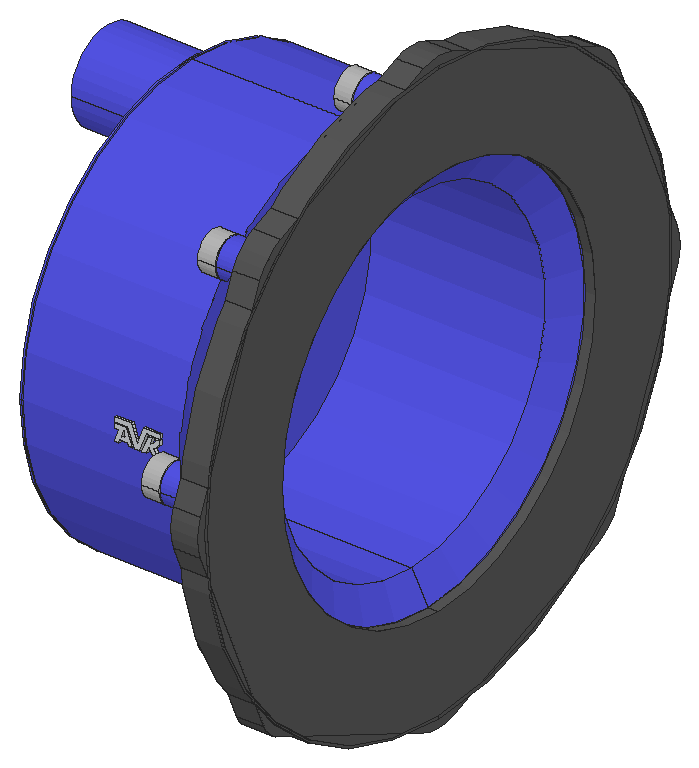
Revit family "634-00-001 DN300", category Pipe Accessories, Revit 2022
Family settings
  Round Connector Dimension = Use Diameter
  Part Type = Valve - Breaks Into
  Work Plane-Based = No
  Always vertical = Yes
  Cut with Voids When Loaded = No
  Shared = No
Parameters (values of type "DN300_PN16_AVK ref. no. 634-356-00-036")
  URL product pages = "https://www.avkvalves.com/P.aspx?no=63407100016"
  Thickness = 0 mm
  Search_table = "634-00-001 DN300"
  S2 = size_lookup(Search_table, "S2", 0 mm, DN) / 2  # 178 mm
  S1 = size_lookup(Search_table, "S1", 0 mm, DN) / 2  # 157 mm
  Radius = size_lookup(Search_table, "Radius", 0 mm, DN)  # 43 mm
  Nut = D2_L * 0.2  # 16.2 mm
  L1 = L * 0.5  # 75 mm
  L-L1 = 40.5 mm  # constant formula
  L = size_lookup(Search_table, "L", 0 mm, DN) / 2  # 150 mm
  FL_T = size_lookup(Search_table, "FL_T", 0 mm, DN)  # 24.5 mm
  Description_ = "AVK SUPA MAXI™ END CAP, PN16"
  Default Elevation = 0 mm
  DN300_PN16_AVK ref. no. 634-356-00-036 = "634-356-00-036"
  DN300_PN16_AVK ref. no. 634-356-00-016 = "634-356-00-016"
  DN = 300.2 mm
  D2_L = size_lookup(Search_table, "D2_L", 0 mm, DN)  # 81 mm
  D2 = size_lookup(Search_table, "D2", 0 mm, DN) / 2  # 40.5 mm
  D1_L = size_lookup(Search_table, "D1_L", 0 mm, DN)  # 102 mm
  D12 = Radius * 0.4  # 17.2 mm
  D11 = D * 0.8  # 218 mm
  D1 = size_lookup(Search_table, "D1", 0 mm, DN) / 2  # 192.5 mm
  D-10 = D - 10 mm  # 262.5 mm
  D = size_lookup(Search_table, "D", 0 mm, DN) / 2  # 272.5 mm
  Bore = DN / 2  # 150.1 mm
  Bolt_L = D2_L - Nut  # 64.8 mm
  2 = 2 mm  # constant formula
  10 = 10 mm  # constant formula
Types (3, lengths in mm): name | DN | Bore
  (no name) | 300.2 | 150.1
  DN300_PN16_AVK ref. no. 634-356-00-016 | 300.1 | 150.05
  DN300_PN16_AVK ref. no. 634-356-00-036 | 300.2 | 150.1
Reference planes
  plane 1 "Center (Front/Back)": y = 0
  plane 2: z = 0
  plane 3 "Center (Left/Right)": x = 0
  plane 4: x = -150
  plane 5: z = 272.5
  plane 6: z = -272.5
  plane 7: z = 150.1
  plane 8: z = -150.1
  plane 9: x = 150
  plane 10: y = 272.5
  plane 11: y = -272.5
  plane 12: x = 140
  plane 13: z = 262.5
  plane 14: x = -75
  plane 15: z = 192.5
  plane 16: x = -77.5
  plane 17: x = -34.5
  plane 18: x = 69
  plane 19: z = 178
  plane 20: z = -178
  plane 21: through (4267.2, 0.015, 0.037) normal (0, 0.3827, 0.9239)
  plane 22: through (4267.2, -0.015, 0.037) normal (0, 0.3827, -0.9239)
  plane 23: through (4267.2, 0, 0.044) normal (0, -0.7071, 0.7071)
  plane 24: through (4267.2, 0, 0.044) normal (0, -0.7071, -0.7071)
  plane 25: through (4267.2, -314.396, 71.021) normal (0, -0.7071, 0.7071)
  plane 26: through (4267.2, 70.977, -314.352) normal (0, -0.7071, 0.7071)
  plane 27: through (0, 0, 0) normal (0, -0.866, 0.5)
  plane 28: through (4267.2, 0.006, 0.028) normal (0, 0.9239, 0.3827)
  plane 29: through (4267.2, -0.006, 0.028) normal (0, 0.9239, -0.3827)
  plane 30: through (0, 0, 0) normal (0, 0.5, -0.866)
  plane 31: through (0, 0, 0) normal (0, 0.5, 0.866)
  plane 32: y = 0
  plane 33: through (0, 0, 0) normal (0, 0.866, -0.5)
  plane 34: through (0, 0, 0) normal (0, 0.866, 0.5)
  plane 35: through (0, 0, 0) normal (0, 0.5, -0.866)
  plane 36: through (0, 0, 0) normal (0, 0.5, 0.866)
  plane 37: through (0, 0, 0) normal (0, 0.866, 0.5)
  plane 38: through (0, 0, 0) normal (0, 0.866, -0.5)
Forms (mm)
  Revolve 1, solid, material "Default Roof"
    sketch origin (0, 0, 0) x (1, 0, 0) y (0, 0, 1)
      loop
        line (140, 262.5) -> (125.5, 262.5) -> (69, 192.5) -> (-75, 192.5) -> (-75, 151.05) -> (125.5, 151.05) -> (140, 178) -> (140, 262.5)
      axis (-75, 0) -> (140, 0)
    angle from 0 to 360
  Extrusion 2, solid, material "Default Roof"
    sketch origin (0, 0, 0) x (1, 0, 0) y (0, 1, 0)
      loop
        circle (-99.5, 0) r 40.5
    from 0 to -192.5
  Extrusion 3, solid, material "Default Roof"
    sketch origin (0, 0, 0) x (0, 1, 0) y (0, 0, 1)
      loop
        circle (0, 152) r 40.5
    from -150 to -75
  Extrusion 4, solid, material "Default Roof"
    sketch origin (150, -1524, 1660.765) x (0, 0, 1) y (0, -1, 0)
      loop
        circle (-1660.765, -1524) r 178
    from -184.5 to -182.5
  Extrusion 5, solid, material "Default Wall"
    sketch origin (150, -1524, 1660.765) x (0, 0, 1) y (0, -1, 0)
      loop
        circle (-1660.765, -1524) r 178
      loop
        circle (-1660.765, -1524) r 262.5
    from -24.5 to 0
  Revolve 6, solid, material "Default Wall"
    sketch origin (0, 0, 0) x (1, 0, 0) y (0, 0, 1)
      loop
        line (125.5, 264.5) -> (125.5, 262.5) -> (150, 262.5) -> (150, 264.5) -> (125.5, 264.5)
      axis (125.5, 0) -> (150, 0)
    angle from 0 to 360
  Extrusion 7, solid, material "Default Roof"
    sketch origin (0, 0, 0) x (0, 1, 0) y (0, 0, 1)
      loop
        circle (-154.149, 154.193) r 17.2
      loop
        circle (154.149, -154.105) r 17.2
      loop
        circle (-218, 0) r 17.2
      loop
        circle (218, 0) r 17.2
      loop
        circle (154.149, 154.193) r 17.2
      loop
        circle (0, 218) r 17.2
      loop
        circle (0, -218) r 17.2
      loop
        circle (-154.149, -154.105) r 17.2
    from 85.2 to 125.5
  Extrusion 8, solid, material "Poche"
    sketch origin (0, 0, 0) x (0, 1, 0) y (0, 0, 1)
      loop
        circle (218, 0) r 17.2
      loop
        circle (154.149, 154.193) r 17.2
      loop
        circle (0, 218) r 17.2
      loop
        circle (-154.149, 154.193) r 17.2
      loop
        circle (-218, 0) r 17.2
      loop
        circle (-154.149, -154.105) r 17.2
      loop
        circle (0, -218) r 17.2
      loop
        circle (154.149, -154.105) r 17.2
    from 69 to 85.2
  Extrusion 9, solid, material "Default Roof"
    sketch origin (0, 0, 0) x (0, 1, 0) y (0, 0, 1)
      loop
        circle (0, 0) r 192.5
    from -75 to -73
  Extrusion 10, solid, material "Default Wall"
    sketch origin (0, 0, 0) x (0, 1, 0) y (0, 0, 1)
      loop
        line (-16.447, 269.23) -> (-178.734, 202.049)
        arc (-178.734, 202.049) -> (-192.686, 192.731) -> (-202.01, 178.782) r 43
        line (-202.01, 178.782) -> (-269.224, 16.604)
        arc (-269.224, 16.604) -> (-272.5, -0.012) -> (-269.106, -16.604) r 43
        line (-269.106, -16.604) -> (-198.034, -184.702)
        arc (-198.034, -184.702) -> (-192.687, -192.643) -> (-184.746, -197.991) r 25
        line (-184.746, -197.991) -> (-16.613, -269.103)
        arc (-16.613, -269.103) -> (-0.012, -272.5) -> (16.613, -269.218) r 43
        line (16.613, -269.218) -> (178.751, -201.961)
        arc (178.751, -201.961) -> (192.687, -192.642) -> (202, -178.702) r 43
        line (202, -178.702) -> (269.225, -16.456)
        arc (269.225, -16.456) -> (272.5, 0) -> (269.228, 16.456) r 43
        line (269.228, 16.456) -> (202.011, 178.775)
        arc (202.011, 178.775) -> (192.686, 192.731) -> (178.729, 202.054) r 43
        line (178.729, 202.054) -> (16.447, 269.231)
        arc (16.447, 269.231) -> (0, 272.5) -> (-16.447, 269.23) r 43
      loop
        circle (0, 0) r 178
    from 125.5 to 150
Dimensions and locks
  equal spacing: plane 7, level, plane 8
  equal spacing: plane 5, level, plane 6
  equal spacing: plane 9, plane 3 "Center (Left/Right)", plane 4
  equal spacing: plane 10, plane 1 "Center (Front/Back)", plane 11
  "L": plane 3 "Center (Left/Right)" to plane 4
  "D": plane 5 to level
  "Bore": plane 7 to level
  "D": plane 10 to plane 1 "Center (Front/Back)"
  "10": plane 9 to Revolve 1 sketch curve
  "10": plane 5 to Revolve 1 sketch curve
  "10": plane 5 to plane 13
  "10": plane 9 to plane 12
  "L1": plane 3 "Center (Left/Right)" to plane 14
  "FL_T": plane 9 to Revolve 1 sketch curve  (x2)
  "D1": Revolve 1 sketch curve to level
  "D1": level to Extrusion 2
  "D1": plane 15 to level
  "D2": plane 15 to Extrusion 3 sketch curve
  equal spacing: Extrusion 3 sketch curve, plane 1 "Center (Front/Back)", Extrusion 3 sketch curve
  "10": plane 4 to Extrusion 2 sketch curve
  equal spacing: Extrusion 2 sketch curve, plane 1 "Center (Front/Back)", Extrusion 2 sketch curve
  equal spacing: Extrusion 4 sketch curve, plane 1 "Center (Front/Back)", Extrusion 4 sketch curve
  equal spacing: Extrusion 4 sketch curve, level, Extrusion 4 sketch curve
  "D2": Extrusion 4 to plane 14
  "D2": plane 17 to plane 14
  "2": Extrusion 4 to plane 17
  equal spacing: Extrusion 5 sketch curve, plane 1 "Center (Front/Back)", Extrusion 5 sketch curve  (x2)
  equal spacing: Extrusion 5 sketch curve, level, Extrusion 5 sketch curve
  "10": plane 5 to Extrusion 5 sketch curve
  "FL_T": plane 9 to Extrusion 5
  "2": Revolve 6 sketch curve to plane 13
  "FL_T": plane 9 to Revolve 6 sketch curve
  "FL_T": plane 9 to Extrusion 7
  "D2_L": plane 9 to plane 18
  "D2_L": plane 9 to Revolve 1 sketch curve
  "Nut": Extrusion 7 to plane 18
  "Nut": Extrusion 8 to plane 18
  plane 9 to plane 4 = 300 mm
  plane 5 to level = 272.5 mm
  "S2": Revolve 1 sketch curve to level
  equal spacing: plane 19, level, plane 20
  "S2": level to plane 20
  plane 19 to plane 20 = 356 mm
  equal spacing: plane 25, plane 23, plane 26
  "D": plane 25 to plane 23
  plane 25 to plane 26 = 545 mm
  equal spacing: Extrusion 9 sketch curve, plane 1 "Center (Front/Back)", Extrusion 9 sketch curve
  equal spacing: Extrusion 9 sketch curve, level, Extrusion 9 sketch curve
  "2": Extrusion 9 to plane 14
  plane 5 to plane 6 = 545 mm
  "FL_T": plane 9 to Extrusion 10
  equal spacing: Extrusion 10 sketch curve, plane 23, Extrusion 10 sketch curve  (x3)
  equal spacing: Extrusion 10 sketch curve, plane 32, Extrusion 10 sketch curve  (x2)
  equal spacing: Extrusion 10 sketch curve, level, Extrusion 10 sketch curve  (x3)
  equal spacing: Extrusion 10 sketch curve, plane 24, Extrusion 10 sketch curve  (x3)
  "D": Extrusion 10 sketch curve to plane 32
  "D": plane 32 to Extrusion 10 sketch curve
  "D": level to Extrusion 10 sketch curve
  "D": plane 24 to Extrusion 10 sketch curve
  "D": plane 23 to Extrusion 10 sketch curve
  equal spacing: Extrusion 7 sketch curve, plane 24, Extrusion 7 sketch curve  (x2)
  "D11": Extrusion 7 sketch curve to plane 23
  "D11": plane 23 to Extrusion 7 sketch curve
  equal spacing: Extrusion 7 sketch curve, level, Extrusion 7 sketch curve  (x3)
  equal spacing: Extrusion 7 sketch curve, plane 23, Extrusion 7 sketch curve  (x2)
  "D11": Extrusion 7 sketch curve to level
  equal spacing: Extrusion 7 sketch curve, plane 1 "Center (Front/Back)", Extrusion 7 sketch curve
  "D11": plane 1 "Center (Front/Back)" to Extrusion 7 sketch curve
  "D11": plane 24 to Extrusion 7 sketch curve
  plane 26 to plane 25 = 545 mm
  "D2": radius of Extrusion 2 sketch curve
  "D2": radius of Extrusion 3 sketch curve
  "S2": radius of Extrusion 4 sketch curve
  "S2": radius of Extrusion 5 sketch curve
  "D1": radius of Extrusion 9 sketch curve
  "Radius": radius of Extrusion 10 sketch curve  (x7)
  radius of Extrusion 10 sketch curve = 25 mm
  "S2": radius of Extrusion 10 sketch curve
  "D12": radius of Extrusion 7 sketch curve  (x8)
  aligned and locked: level to plane 2
  aligned and locked: Revolve 1 sketch curve to level
  aligned and locked: Revolve 1 to plane 14
  aligned and locked: Extrusion 2 to level
  aligned and locked: Extrusion 3 to plane 4
  aligned and locked: Extrusion 3 to Revolve 1
  aligned and locked: plane 9 to Extrusion 5
  aligned and locked: plane 13 to Revolve 6 sketch curve
  aligned and locked: Revolve 6 sketch curve to plane 9
  aligned and locked: Revolve 6 sketch curve to level
  aligned and locked: Extrusion 8 to plane 18
  aligned and locked: Extrusion 9 to plane 14
  aligned and locked: plane 9 to Extrusion 10
  aligned and locked: Extrusion 8 sketch curve to Extrusion 7  (x16)
Automatic sketch dimensions
  Revolve 1 sketch curve to plane 14 = 0 mm
  plane 7 to Revolve 1 sketch curve = 0.95 mm
  plane 18 to Revolve 1 sketch curve = 2.524 mm
  plane 9 to Revolve 1 sketch curve = 55 mm
  Extrusion 5 sketch curve to Extrusion 5 sketch curve = 0 mm
  Revolve 6 sketch curve to plane 4 = 150.058 mm
  plane 9 to Revolve 6 sketch curve = 329.942 mm
  Extrusion 7 sketch curve to plane 1 "Center (Front/Back)" = 0 mm  (x2)
  Extrusion 7 sketch curve to plane 24 = 0 mm
  Extrusion 10 sketch curve to level = 0 mm
  Extrusion 10 sketch curve to plane 1 "Center (Front/Back)" = 0 mm
Nested families
  nested 1: "logo small-1 - Copy" at (32.913, -192.471, 3.366) x (1, 0, 0) z (0, -0.9998, 0.0175), type "logo small-1 - Copy"
Connectors
  piping at (150, 0, 0), diameter 300.2, driven by "DN"
    settings: on Extrusion 5, index 2, connector inside diameter 609.6 mm, connector length 0 mm, flow factor 0, pipe flow 0.0 L/s, pressure drop 0.0 Pa, fitting loss kfactor 0, connector angle 0.00°, fixture units 0, engagement length 0 mm, angle of deflection 0.00°, flow configuration 0, flow direction 0, fitting loss method 0, system type 7, joint type 0, gender type 0, connector reference index -1, connector utility 0, adjustable connector no, is connector primary yes, connector description ""
  piping at (-75, 0, 0), diameter 300.2, driven by "DN"
    settings: on Revolve 1, index 3, connector inside diameter 609.6 mm, connector length 0 mm, flow factor 0, pipe flow 0.0 L/s, pressure drop 0.0 Pa, fitting loss kfactor 0, connector angle 0.00°, fixture units 0, engagement length 0 mm, angle of deflection 0.00°, flow configuration 0, flow direction 0, fitting loss method 0, system type 7, joint type 0, gender type 0, connector reference index -1, connector utility 0, adjustable connector no, is connector primary no, connector description ""
Definition of nested family "logo small-1 - Copy"
  Parameters
    Default Elevation = 1219.2 mm
  Reference planes
    plane 1 "Center (Front/Back)": y = 0
    plane 2: z = 0
    plane 3 "Center (Left/Right)": x = 0
  Forms (mm)
    Extrusion 1, solid
      sketch origin (0, 0, 0) x (1, 0, 0) y (0, 1, 0)
        loop
          line (-26.697, 30) -> (-26.697, -20.859) -> (26.519, -20.859) -> (26.519, 30) -> (-26.697, 30)
      from 0 to -304.8
    Extrusion 2, solid
      sketch origin (0, 0, 0) x (1, 0, 0) y (0, 1, 0)
        loop
          line (-20.607, 8.379) -> (-20.607, 4.302) -> (-16.724, 4.302) -> (-20.607, -5.729) -> (-16.724, -5.729) -> (-15.818, -3.389) -> (-9.104, -3.389) -> (-8.117, -5.729) -> (-3.91, -5.729) -> (-9.864, 8.379) -> (-20.607, 8.379)
        loop
          line (-12.518, 5.079) -> (-14.33, 0) -> (-10.641, 0) -> (-12.518, 5.079)
        loop
          line (-8.635, 9.738) -> (-2.292, -5.729) -> (2.173, -5.729) -> (8.451, 9.738) -> (20.488, 9.738) -> (20.488, 13.686) -> (5.312, 13.686) -> (0, 0) -> (-5.463, 13.686) -> (-20.607, 13.686) -> (-20.607, 9.738) -> (-8.635, 9.738)
        loop
          line (20.488, 4.302) -> (20.488, 8.379) -> (16.605, 8.379)
          arc (16.605, 8.379) -> (15.328, 4.717) -> (11.816, 3.072) r 4.995
          line (11.816, 3.072) -> (13.952, 8.379) -> (9.68, 8.379) -> (3.921, -5.729) -> (8.29, -5.729) -> (10.518, -0.27) -> (14.236, -5.729) -> (19.616, -5.729) -> (14.879, 0.432)
          arc (14.879, 0.432) -> (17.563, 1.981) -> (19.616, 4.302) r 9.637
          line (19.616, 4.302) -> (20.488, 4.302)
      from 0 to 2
  Dimensions and locks
    aligned and locked: plane 2 to Extrusion 1
    aligned and locked: level to Extrusion 1
    aligned and locked: Extrusion 2 sketch curve to import instance  (x36)
    aligned and locked: plane 1 "Center (Front/Back)" to Extrusion 2 sketch curve
